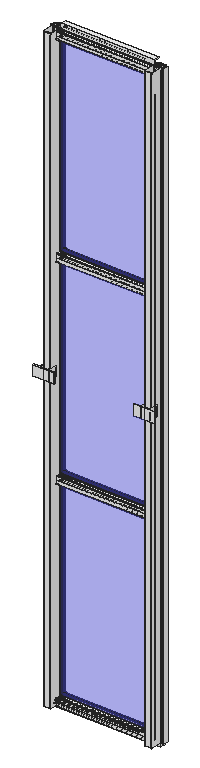
Revit family "Facade_60_Curtain_Wall_I13_Standard", category Windows, host Wall, Revit 2014
Parameters (values of type "F60-I13-0950-1000Pa")
  Windload Design [instance] = if(Custom Windload < 1001 mm, 1000 mm, if(Custom Windload < 1501 mm, 1500 mm, 2000 mm))  # 1000 mm
  Width [instance] = if(Custom Curtain Wall Width < Limit Door Width Min, Limit Door Width Min, if(Custom Curtain Wall Width > Limit Door Width Max, Limit Door Width Max, Custom Curtain Wall Width))  # 890 mm
  Wall Thickness [instance] = 200 mm
  Vertical Profile Length [instance] = Height - Frame Bottom Gap  # 4960 mm
  URL = "http://www.crealco.co.za/crealco-products.php"
  Type Comments = ""
  Thermal Resistance (R) [instance] = if(IGDB or SAGDB Number = 100100, 1.0000 (m²·K)/W / Intruderprufe U Value, if(IGDB or SAGDB Number = 100100, 1.0000 (m²·K)/W / Intruderprufe U Value, if(IGDB or SAGDB Number = 105003, 1.0000 (m²·K)/W / Intruderprufe Insulated U Value, if(IGDB or SAGDB Number = 105004, 1.0000 (m²·K)/W / Intruderprufe Insulated LowE U Value, 1.0000 (m²·K)/W / 7.9)))) * 1  # 0.126582 (m²·K)/W
  Thermal Break Material = Plastic, Opaque Black
  Solar Heat Gain Coefficient [instance] = if(IGDB or SAGDB Number = 100100, Intruderprufe SHGC Value, if(IGDB or SAGDB Number = 103200, Intruderprufe LowE SHGC Value, if(IGDB or SAGDB Number = 105003, Intruderprufe Insulated SHGC Value, if(IGDB or SAGDB Number = 105004, Intruderprufe Insulated LowE SHGC Value, 0))))  # 0
  Single Glazing [instance] = if(DG Forced, 1 = 0, not(Double Glazing))  # no
  Sill Height = 85 mm  # constant formula
  SG Forced [instance] = not(DG Forced)  # no
  Quarter Expansion Break = no
  Overall Width [instance] = 890 mm
  Overall Height [instance] = 4990 mm
  Mullion Configuration = 1 mm  # constant formula
  Model = "Facade 60"
  Transom Vertical Spacing [instance] = (Height - Frame Bottom Gap - (4 mm * 60)) / 3  # 1573.333 mm
  Mid Glazing Bottom Gap [instance] = Frame Bottom Gap + 60 mm + Transom Vertical Spacing + 39.8 mm  # 1703.133 mm
  Max System DG Unit Thickness = 25 mm  # constant formula
  Max System DG One Piece Thickness [instance] = rounddown((Max System DG Unit Thickness - DG Gasket Thickness) / 2 mm) * 1 mm  # 6 mm
  Max Pane Area [instance] = Glazing Width * Glazing Height  # 1.30777 m²
  Manufacturer = "Crealco"
  Limit Door Width Min = Limit Panel Width Min + (2 * Glazing Side Gap)  # 379.6 mm
  Limit Door Width Max = Limit Panel Width Max + (2 * Glazing Side Gap)  # 3079.6 mm
  Limit Door Height Min = (3 * Limit Panel Height Min) + 69.8 mm + (2 mm * 19.6) + 39.8 mm  # 1048.8 mm
  Limit Door Height Max = (3 * Limit Panel Height Max) + 69.8 mm + (2 mm * 19.6) + 39.8 mm  # 18148.8 mm
  Limit Panel Width Min = 300 mm  # constant formula
  Limit Panel Width Max = 3000 mm  # constant formula
  Limit Panel Height Min = 300 mm  # constant formula
  Limit Panel Height Max = 6000 mm  # constant formula
  Sill Length [instance] = Width  # 890 mm
  Length Sill [instance] = Width  # 890 mm
  Keynote = ""
  Jamb Width = 60 mm  # constant formula
  Intruderprufe U Value = 5.73
  Intruderprufe SHGC Value = 0.666
  Intruderprufe LowE U Value = 4.4
  Intruderprufe LowE SHGC Value = 0.584
  Intruderprufe Insulated U Value = 3.18
  Intruderprufe Insulated SHGC Value = 0.574
  Intruderprufe Insulated LowE U Value = 2.58
  Intruderprufe Insulated LowE SHGC Value = 0.518
  Horizontal Profile Length [instance] = Width - (2 * Jamb Width)  # 770 mm
  Half Expansion Break = no
  Glazing Width [instance] = Horizontal Profile Length + (2 mm * 20.2)  # 810.4 mm
  Glazing Top Gap = 39.8 mm  # constant formula
  Glazing Side Gap = 39.8 mm  # constant formula
  Glazing Height [instance] = (Height - Glazing Top Gap - Glazing Bottom Gap - (2 * (60 mm - 20.2 mm - 20.2 mm))) / 3  # 1613.733 mm
  Glazing Gap SG [instance] = (14 mm - SG Thickness) / 2  # 5 mm
  Glazing Gap DG [instance] = (28 mm - (DG Thickness + DG Thickness + DG Gasket Thickness)) / 2  # 4 mm
  Glazing Bottom Gap = 69.8 mm  # constant formula
  Frame Thickness = 101.8 mm  # constant formula
  Frame Bottom Gap = 30 mm  # constant formula
  Door Leaf Height [instance] = 2050 mm
  Double Glazing [instance] = yes
  DG Thickness Calc [instance] = if(not(Max Pane Area > 1.125 m²), 4 mm, if(not(Max Pane Area > 2.25 m²), 4 mm, if(not(Max Pane Area > 3.15 m²), 5 mm, if(not(Max Pane Area > 4.35 m²), 6 mm, if(not(Max Pane Area > 6.45 m²), 8 mm, 10 mm)))))  # 4 mm
  DG Thickness [instance] = if(IGDB or SAGDB Number = 105003, 6 mm, if(IGDB or SAGDB Number = 105004, 7 mm, if(DG Thickness Calc > Max System DG One Piece Thickness, Max System DG One Piece Thickness, DG Thickness Calc)))  # 4 mm
  DG Gasket Thickness = 12 mm  # constant formula
  DG Gasket Finish [instance] = Double Glazing Gasket Material
  DG Forced [instance] = if(IGDB or SAGDB Number = 100100, 1 = 0, if(IGDB or SAGDB Number = 103200, 1 = 0, if(IGDB or SAGDB Number = 105003, 1 = 1, if(IGDB or SAGDB Number = 105004, 1 = 1, Double Glazing))))  # yes
  IGDB or SAGDB Number [instance] = 0
  Height [instance] = if(Custom Curtain Wall Height < Limit Door Height Min, Limit Door Height Min, if(Custom Curtain Wall Height > Limit Door Height Max, Limit Door Height Max, Custom Curtain Wall Height))  # 4990 mm
  Heat Transfer Coefficient (U) [instance] = if(IGDB or SAGDB Number = 100100, Intruderprufe U Value, if(IGDB or SAGDB Number = 103200, Intruderprufe LowE U Value, if(IGDB or SAGDB Number = 105003, Intruderprufe Insulated U Value, if(IGDB or SAGDB Number = 105004, Intruderprufe Insulated LowE U Value, 7.9)))) * 1.0000 W/(m²·K)  # 7.9000 W/(m²·K)
  SG Thickness [instance] = if(IGDB or SAGDB Number = 100100, 6 mm, if(IGDB or SAGDB Number = 103200, 7 mm, if(not(Max Pane Area > 0.75 m²), 4 mm, if(not(Max Pane Area > 1.50 m²), 4 mm, if(not(Max Pane Area > 2.10 m²), 5 mm, if(not(Max Pane Area > 2.90 m²), 6.4 mm, if(not(Max Pane Area > 4.30 m²), 8 mm, 10 mm)))))))  # 4 mm
  Glazing Material [instance] = if(IGDB or SAGDB Number = 100100, "PFG INTRUDERPRUFE 6.38mm", if(IGDB or SAGDB Number = 103200, "PFG INTRUDERPRUFE LOW-E 7.38mm", if(IGDB or SAGDB Number = 105003, "PFG 25mm INTRUDERPRUFE INSULATED GLASS", if(IGDB or SAGDB Number = 105004, "PFG 25mm INTRUDERPRUFE INSULATED GLASS LOW-E", "Unknown"))))  # "Unknown"
  Glazing Finish [instance] = Glass
  Glazing Code [instance] = if(IGDB or SAGDB Number = 100100, "LAM01", if(IGDB or SAGDB Number = 103200, "LAM01E", if(IGDB or SAGDB Number = 105003, "IGU25", if(IGDB or SAGDB Number = 105004, "IGU25E", "Unknown"))))  # "Unknown"
  Frame Offset [instance] = if([100mm Mullion], 130 mm, if([160mm Mullion], 160 mm, 190 mm))  # 130 mm
  Description = "Curtain Wall, I13"  # constant formula
  Default Sill Height = 0 mm
  Wall Closure = By host
  Custom Curtain Wall Width = 890 mm
  Custom Curtain Wall Height = 4990 mm
  Custom Windload = 1000 mm
  Custom Anchor Height = 0 mm
  Anchor Height [instance] = if(or(Custom Anchor Height < 42.5 mm, Custom Anchor Height > (Height - 42.5 mm)), (Height / 2) - 42.5 mm, Custom Anchor Height - 42.5 mm)  # 2452.5 mm
  Aluminium Finish [instance] = White Powder Coated Aluminium ANP 1052
  All Available Glazing Numbers [instance] = "The rows below list the available glazing materials for this window:"  # constant formula
  190mm Mullion = if(Mullion Configuration = 3 mm, 1 = 1, 1 = 0)  # no
  160mm Mullion = if(Mullion Configuration = 2 mm, 1 = 1, 1 = 0)  # no
  105004 [instance] = "IGU25E"  # constant formula
  105003 [instance] = "IGU25"  # constant formula
  103200 [instance] = "LAM01E"  # constant formula
  100mm Mullion = if(or(Mullion Configuration = 2 mm, Mullion Configuration = 3 mm), 1 = 0, 1 = 1)  # yes
  100100 [instance] = "LAM01"  # constant formula
Reference planes
  plane 1 "Center (Front/Back)": y = 0
  plane 2 "Center (Left/Right)": x = 0
  plane 3 "Left": x = -445
  plane 4 "Right": x = 445
  plane 5 "Sill": z = 0
  plane 6 "Head": z = 4990
  plane 7 "Exterior": y = 100
  plane 8 "Interior": y = -100
Lines and regions (mm)
  Opening 1
    outline origin (3507.082, -100, 0) x (1, 0, 0) y (0, 0, 1)
      loop
        line (-3062.082, 0) -> (-3062.082, 4990) -> (-3952.082, 4990) -> (-3952.082, 0) -> (-3062.082, 0)
Text (mm)
  text "EXTERIOR" at (-1963.203, 1332.353, 0), in view "Ref. Level"
  text "INTERIOR" at (-1981.466, -818.386, 0), in view "Ref. Level"
  text "Exterior" at (0, 923.751, 2943.296), in view "Right"
  text "Exterior" at (0, 1040.484, 2685.409), in view "Left"
Dimensions and locks
  equal spacing: plane 3 "Left", plane 2 "Center (Left/Right)", plane 4 "Right"
  "Width": plane 3 "Left" to plane 4 "Right"
  "Height": plane 5 "Sill" to plane 6 "Head"
  "Default Sill Height": plane 5 "Sill" to level
  locked: plane 7 "Exterior" to host wall at 0
  locked: plane 8 "Interior" to host wall
  "Overall Height": plane 6 "Head" to plane 5 "Sill"
  "Overall Width": plane 3 "Left" to plane 4 "Right"
  "Wall Thickness": host wall to host wall
  "Jamb Width": nested 3 to plane 4 "Right"
  "Jamb Width": nested 5 to plane 4 "Right"
  "Frame Bottom Gap": nested 5 to level
  "Glazing Side Gap": nested 6 to plane 4 "Right"
  "Glazing Top Gap": nested 6 to plane 6 "Head"
  "Glazing Gap SG": nested 6 to nested 1
  "Glazing Side Gap": nested 7 to plane 4 "Right"
  "Glazing Top Gap": nested 7 to plane 6 "Head"
  "Glazing Gap DG": nested 7 to nested 1
  "Jamb Width": nested 8 to plane 4 "Right"
  "Glazing Side Gap": nested 9 to plane 4 "Right"
  "Glazing Side Gap": nested 10 to plane 4 "Right"
  "Glazing Gap SG": nested 10 to nested 1
  "Glazing Gap DG": nested 9 to nested 1
  "Glazing Bottom Gap": nested 9 to level
  "Glazing Bottom Gap": nested 10 to level
  locked: nested 1 to nested 5 at 8.887
  "Transom Vertical Spacing": nested 8 to nested 5
  "Jamb Width": nested 11 to plane 4 "Right"
  "Transom Vertical Spacing": nested 11 to nested 8
  "Glazing Side Gap": nested 12 to plane 4 "Right"
  "Glazing Side Gap": nested 13 to plane 4 "Right"
  "Glazing Gap SG": nested 13 to nested 1
  "Glazing Gap DG": nested 12 to nested 1
  "Mid Glazing Bottom Gap": nested 12 to level
  "Mid Glazing Bottom Gap": nested 13 to level
  "Frame Offset": plane 8 "Interior" to nested 1
  "Anchor Height": nested 14 to level
  "Anchor Height": nested 15 to level
  aligned and locked: plane 4 "Right" to nested 1
  aligned and locked: nested 1 to plane 6 "Head"
  aligned and locked: plane 3 "Left" to nested 2
  aligned and locked: plane 6 "Head" to nested 2
  aligned and locked: nested 3 to plane 6 "Head"
  aligned and locked: nested 1 to nested 3
  aligned and locked: nested 4 to level
  aligned and locked: plane 4 "Right" to nested 4
  aligned and locked: nested 1 to nested 2
  aligned and locked: nested 5 to nested 4
  aligned and locked: nested 8 to nested 3
  aligned and locked: nested 11 to nested 3
  aligned and locked: plane 4 "Right" to nested 15
  aligned and locked: plane 8 "Interior" to nested 15
  aligned and locked: nested 14 to nested 2
  aligned and locked: plane 8 "Interior" to nested 14
Automatic sketch dimensions
  plane 3 "Left" to Opening 1 sketch curve = 0 mm
  plane 4 "Right" to Opening 1 sketch curve = 0 mm
  Opening 1 sketch curve to plane 5 "Sill" = 0 mm
  Opening 1 sketch curve to plane 6 "Head" = 0 mm
Nested families
  nested 1: "F60 Vertical Profile Side_I13_Std" at (445, 35.2, 30) x (-1, 0, 0) z (0, 0, 1), Thermal Break Material <- "Thermal Break Material", Profile Material <- "Aluminium Finish", Length <- "Vertical Profile Length", Single Glazing <- "SG Forced", Double Glazing <- "DG Forced", 100mm Mullion <- "100mm Mullion", 160mm Mullion <- "160mm Mullion", 190mm Mullion <- "190mm Mullion", Quarter Expansion Break <- "Quarter Expansion Break", Half Expansion Break <- "Half Expansion Break", type "F60 Vertical Profile Side_I13_Std"
    with Thermal Break Material Plastic, Opaque Black, Single Glazing no, Quarter SG Expansion Break no, Quarter Length 1240 mm, Quarter Expansion Break no, Quarter DG Expansion Break no, Quarter 190mm Expansion Break no, Quarter 160mm Expansion Break no, Quarter 100mm Expansion Break no, Profile Material White Powder Coated Aluminium ANP 1052, Length 4960 mm, Half SG Expansion Break no, Half Length 2480 mm, Half Expansion Break no, Half DG Expansion Break no, Half 190mm Expansion Joint no, Half 160mm Expansion Break no, Half 100mm Expansion Break no, Double Glazing yes, 190mm Mullion no, 160mm Mullion no, 100mm Mullion yes
  nested 2: "F60 Vertical Profile Side_I13_Std" at (-445, 35.2, 30), Thermal Break Material <- "Thermal Break Material", Profile Material <- "Aluminium Finish", Length <- "Vertical Profile Length", Single Glazing <- "SG Forced", Double Glazing <- "DG Forced", 100mm Mullion <- "100mm Mullion", 160mm Mullion <- "160mm Mullion", 190mm Mullion <- "190mm Mullion", Quarter Expansion Break <- "Quarter Expansion Break", Half Expansion Break <- "Half Expansion Break", type "F60 Vertical Profile Side_I13_Std"
    with Thermal Break Material Plastic, Opaque Black, Single Glazing no, Quarter SG Expansion Break no, Quarter Length 1240 mm, Quarter Expansion Break no, Quarter DG Expansion Break no, Quarter 190mm Expansion Break no, Quarter 160mm Expansion Break no, Quarter 100mm Expansion Break no, Profile Material White Powder Coated Aluminium ANP 1052, Length 4960 mm, Half SG Expansion Break no, Half Length 2480 mm, Half Expansion Break no, Half DG Expansion Break no, Half 190mm Expansion Joint no, Half 160mm Expansion Break no, Half 100mm Expansion Break no, Double Glazing yes, 190mm Mullion no, 160mm Mullion no, 100mm Mullion yes
  nested 3: "F60 Horizontal Profile Top_I13_Std" at (385, -14.6, 4930) x (-1, 0, 0) z (0, 0, 1), Thermal Break Material <- "Thermal Break Material", Profile Material <- "Aluminium Finish", Length <- "Horizontal Profile Length", Single Glazing <- "SG Forced", Double Glazing <- "DG Forced", type "F60 Horizontal Profile Top_I13_Std"
    with Thermal Break Material Plastic, Opaque Black, Single Glazing no, Profile Material White Powder Coated Aluminium ANP 1052, Length 770 mm, Double Glazing yes
  nested 4: "F60 Sill_I13_Std" at (445, 22.771, -1.88) x (-1, 0, 0) z (0, 0, 1), Profile Material <- "Aluminium Finish", Length Sill <- "Length Sill", type "F60 Sill_I13_Std"
    with Profile Material White Powder Coated Aluminium ANP 1052, Length Sill 890 mm
  nested 5: "F60 Horizontal Profile Bottom_I13_Std" at (385, -14.6, 30) x (-1, 0, 0) z (0, 0, 1), Thermal Break Material <- "Thermal Break Material", Profile Material <- "Aluminium Finish", Length <- "Horizontal Profile Length", Single Glazing <- "SG Forced", Double Glazing <- "DG Forced", type "F60 Horizontal Profile Bottom_I13_Std"
    with Thermal Break Material Plastic, Opaque Black, Single Glazing no, Profile Material White Powder Coated Aluminium ANP 1052, Length 770 mm, Double Glazing yes
  nested 6: "F60_Single_Glazing_I13_Std" at (405.2, 44.2, 3336.467), Glazing Width <- "Glazing Width", Glazing Height <- "Glazing Height", SG Thickness <- "SG Thickness", Glazing Finish <- "Glazing Finish", visible <- "SG Forced", type "F60_Single_Glazing_I13_Std"
    with SG Thickness 4 mm, Glazing Width 810.4 mm, Glazing Height 1613.733 mm, Glazing Finish Glass
  nested 7: "F60_Double_Glazing_I13_Std" at (405.2, 59.2, 3336.467), Glazing Material <- "Glazing Finish", Double Glazing Gasket Material <- "DG Gasket Finish", Glazing Width <- "Glazing Width", Glazing Height <- "Glazing Height", Glazing Thickness DG <- "DG Thickness", Double Glazing Gasket Thickness <- "DG Gasket Thickness", visible <- "DG Forced", type "F60_Double_Glazing_I13_Std"
    with Glazing Width 810.4 mm, Glazing Thickness DG 4 mm, Glazing Material Glass, Glazing Height 1613.733 mm, Double Glazing Gasket Thickness 12 mm, Double Glazing Gasket Material Double Glazing Gasket Material
  nested 8: "F60 Horizontal Profile Middle_I13_Std" at (385, -14.6, 1663.333) x (-1, 0, 0) z (0, 0, 1), Thermal Break Material <- "Thermal Break Material", Profile Material <- "Aluminium Finish", Length <- "Horizontal Profile Length", Single Glazing <- "SG Forced", Double Glazing <- "DG Forced", type "F60 Horizontal Profile Middle_I13_Std"
    with Thermal Break Material Plastic, Opaque Black, Single Glazing no, Profile Material White Powder Coated Aluminium ANP 1052, Length 770 mm, Double Glazing yes
  nested 9: "F60_Double_Glazing_I13_Std" at (405.2, 59.2, 69.8), Glazing Material <- "Glazing Finish", Double Glazing Gasket Material <- "DG Gasket Finish", Glazing Width <- "Glazing Width", Glazing Height <- "Glazing Height", Glazing Thickness DG <- "DG Thickness", Double Glazing Gasket Thickness <- "DG Gasket Thickness", visible <- "DG Forced", type "F60_Double_Glazing_I13_Std"
    with Glazing Width 810.4 mm, Glazing Thickness DG 4 mm, Glazing Material Glass, Glazing Height 1613.733 mm, Double Glazing Gasket Thickness 12 mm, Double Glazing Gasket Material Double Glazing Gasket Material
  nested 10: "F60_Single_Glazing_I13_Std" at (405.2, 44.2, 69.8), Glazing Width <- "Glazing Width", Glazing Height <- "Glazing Height", SG Thickness <- "SG Thickness", Glazing Finish <- "Glazing Finish", visible <- "SG Forced", type "F60_Single_Glazing_I13_Std"
    with SG Thickness 4 mm, Glazing Width 810.4 mm, Glazing Height 1613.733 mm, Glazing Finish Glass
  nested 11: "F60 Horizontal Profile Middle_I13_Std" at (385, -14.6, 3296.667) x (-1, 0, 0) z (0, 0, 1), Thermal Break Material <- "Thermal Break Material", Profile Material <- "Aluminium Finish", Length <- "Horizontal Profile Length", Single Glazing <- "SG Forced", Double Glazing <- "DG Forced", type "F60 Horizontal Profile Middle_I13_Std"
    with Thermal Break Material Plastic, Opaque Black, Single Glazing no, Profile Material White Powder Coated Aluminium ANP 1052, Length 770 mm, Double Glazing yes
  nested 12: "F60_Double_Glazing_I13_Std" at (405.2, 59.2, 1703.133), Glazing Material <- "Glazing Finish", Double Glazing Gasket Material <- "DG Gasket Finish", Glazing Width <- "Glazing Width", Glazing Height <- "Glazing Height", Glazing Thickness DG <- "DG Thickness", Double Glazing Gasket Thickness <- "DG Gasket Thickness", visible <- "DG Forced", type "F60_Double_Glazing_I13_Std"
    with Glazing Width 810.4 mm, Glazing Thickness DG 4 mm, Glazing Material Glass, Glazing Height 1613.733 mm, Double Glazing Gasket Thickness 12 mm, Double Glazing Gasket Material Double Glazing Gasket Material
  nested 13: "F60_Single_Glazing_I13_Std" at (405.2, 44.2, 1703.133), Glazing Width <- "Glazing Width", Glazing Height <- "Glazing Height", SG Thickness <- "SG Thickness", Glazing Finish <- "Glazing Finish", visible <- "SG Forced", type "F60_Single_Glazing_I13_Std"
    with SG Thickness 4 mm, Glazing Width 810.4 mm, Glazing Height 1613.733 mm, Glazing Finish Glass
  nested 14: "F60 Intermediate Anchor_I13_Std" at (-522.715, -189.531, 2452.5), Profile Material <- "Aluminium Finish", type "F60 Intermediate Anchor_I13_Std"
    with Profile Material White Powder Coated Aluminium ANP 1052
  nested 15: "F60 Intermediate Anchor_I13_Std" at (305.297, -189.531, 2452.5), Profile Material <- "Aluminium Finish", type "F60 Intermediate Anchor_I13_Std"
    with Profile Material White Powder Coated Aluminium ANP 1052
Definition of nested family "F60 Vertical Profile Side_I13_Std"
  Parameters (values of type "F60 Vertical Profile Side")
    Quarter SG Expansion Break [instance] = if(and(Quarter Expansion Break, Single Glazing), 1 = 1, 1 = 0)  # yes
    Quarter Length [instance] = Length / 4  # 62.5 mm
    Thermal Break Material [instance] = none
    Single Glazing [instance] = yes
    Quarter Expansion Break [instance] = yes
    Quarter DG Expansion Break [instance] = if(and(Quarter Expansion Break, Double Glazing), 1 = 1, 1 = 0)  # yes
    Quarter 190mm Expansion Break [instance] = if(and(Quarter Expansion Break, [190mm Mullion]), 1 = 1, 1 = 0)  # yes
    Quarter 160mm Expansion Break [instance] = if(and(Quarter Expansion Break, [160mm Mullion]), 1 = 1, 1 = 0)  # yes
    Quarter 100mm Expansion Break [instance] = if(and(Quarter Expansion Break, [100mm Mullion]), 1 = 1, 1 = 0)  # yes
    Profile Material [instance] = none
    Length [instance] = 250 mm
    Half SG Expansion Break [instance] = if(and(Half Expansion Break, Single Glazing), 1 = 1, 1 = 0)  # yes
    Half Length [instance] = Length / 2  # 125 mm
    Half Expansion Break [instance] = yes
    Half DG Expansion Break [instance] = if(and(Half Expansion Break, Double Glazing), 1 = 1, 1 = 0)  # yes
    Half 190mm Expansion Joint [instance] = if(and(Half Expansion Break, [190mm Mullion]), 1 = 1, 1 = 0)  # yes
    Half 160mm Expansion Break [instance] = if(and(Half Expansion Break, [160mm Mullion]), 1 = 1, 1 = 0)  # yes
    Half 100mm Expansion Break [instance] = if(and(Half Expansion Break, [100mm Mullion]), 1 = 1, 1 = 0)  # yes
    Double Glazing [instance] = yes
    190mm Mullion [instance] = yes
    160mm Mullion [instance] = yes
    100mm Mullion [instance] = yes
  Reference planes
    plane 1 "Center (Front/Back)": y = 0
    plane 2: z = 0
    plane 3 "Center (Left/Right)": x = 0
  Forms (mm)
    Extrusion 1, solid, material <- "Profile Material"
      sketch origin (0, 0, 0) x (1, 0, 0) y (0, 1, 0)
        loop
          arc (25.249, -8.7) -> (25.484, -9.266) -> (26.049, -9.5) r 0.8
          line (26.049, -9.5) -> (27.1, -9.5) -> (27.1, 7) -> (32.902, 7) -> (32.902, -9.5) -> (33.951, -9.5)
          arc (33.951, -9.5) -> (34.516, -9.266) -> (34.751, -8.7) r 0.8
          line (34.751, -8.7) -> (34.751, 6.2)
          arc (34.751, 6.2) -> (34.985, 6.766) -> (35.551, 7) r 0.8
          line (35.551, 7) -> (52.1, 7) -> (52.1, 5.4) -> (50.55, 5.4) -> (50.55, 4.55)
          arc (50.55, 4.55) -> (50.726, 4.126) -> (51.15, 3.95) r 0.6
          line (51.15, 3.95) -> (52.1, 3.95) -> (52.1, 1)
          arc (52.1, 1) -> (51.6, 0.5) -> (52.1, 0) r 0.5
          line (52.1, 0) -> (54.45, 0) -> (54.45, 1.15) -> (53.3, 1.15) -> (53.3, 2.45) -> (58.8, 2.45) -> (58.8, 1.15) -> (57.65, 1.15) -> (57.65, 0) -> (59.5, 0)
          arc (59.5, 0) -> (59.854, 0.146) -> (60, 0.5) r 0.5
          line (60, 0.5) -> (60, 3.9) -> (53.55, 3.9) -> (53.55, 7.6)
          arc (53.55, 7.6) -> (53.316, 8.166) -> (52.75, 8.4) r 0.8
          line (52.75, 8.4) -> (30, 8.4) -> (7.25, 8.4)
          arc (7.25, 8.4) -> (6.684, 8.166) -> (6.45, 7.6) r 0.8
          line (6.45, 7.6) -> (6.45, 3.9) -> (0, 3.9) -> (0, 0.5)
          arc (0, 0.5) -> (0.146, 0.146) -> (0.5, 0) r 0.5
          line (0.5, 0) -> (2.35, 0) -> (2.35, 1.15) -> (1.2, 1.15) -> (1.2, 2.45) -> (6.7, 2.45) -> (6.7, 1.15) -> (5.55, 1.15) -> (5.55, 0) -> (7.9, 0)
          arc (7.9, 0) -> (8.4, 0.5) -> (7.9, 1) r 0.5
          line (7.9, 1) -> (7.9, 3.95) -> (8.85, 3.95)
          arc (8.85, 3.95) -> (9.274, 4.126) -> (9.45, 4.55) r 0.6
          line (9.45, 4.55) -> (9.45, 5.4) -> (7.9, 5.4) -> (7.9, 7) -> (24.449, 7)
          arc (24.449, 7) -> (25.015, 6.766) -> (25.249, 6.2) r 0.8
          line (25.249, 6.2) -> (25.249, -8.7)
      from 0 to 250 <- "Length"
    Extrusion 2, solid, material <- "Thermal Break Material"
      sketch origin (0, 0, 0) x (1, 0, 0) y (0, 1, 0)
        loop
          line (1.75, 9.8) -> (1.75, 5.2) -> (0, 5.2) -> (0, 3.9) -> (6.35, 3.9) -> (6.35, 7.856)
          arc (6.35, 7.856) -> (6.526, 8.281) -> (6.95, 8.456) r 0.6
          line (6.95, 8.456) -> (30, 8.456) -> (53.05, 8.456)
          arc (53.05, 8.456) -> (53.474, 8.281) -> (53.65, 7.856) r 0.6
          line (53.65, 7.856) -> (53.65, 3.9) -> (60, 3.9) -> (60, 5.2) -> (58.25, 5.2) -> (58.25, 9.8) -> (30, 9.8) -> (1.75, 9.8)
      from 0 to 250 <- "Length"
    Extrusion 3, solid, material <- "Thermal Break Material", visible <- "Single Glazing"
      sketch origin (0, 0, 0) x (1, 0, 0) y (0, 1, 0)
        loop
          line (25.749, -14.011) -> (27.672, -14.011) -> (28.481, -12.611) -> (31.518, -12.611) -> (32.327, -14.011) -> (34.249, -14.011)
          arc (34.249, -14.011) -> (34.603, -13.864) -> (34.749, -13.511) r 0.5
          line (34.749, -13.511) -> (34.749, -10.011)
          arc (34.749, -10.011) -> (34.603, -9.657) -> (34.249, -9.511) r 0.5
          line (34.249, -9.511) -> (32.352, -9.511) -> (32.352, 0.19) -> (31.349, 2.261)
          arc (31.349, 2.261) -> (29.999, 2.986) -> (28.649, 2.261) r 1.62
          line (28.649, 2.261) -> (27.647, 0.19) -> (27.647, -9.511) -> (25.749, -9.511)
          arc (25.749, -9.511) -> (25.396, -9.657) -> (25.249, -10.011) r 0.5
          line (25.249, -10.011) -> (25.249, -13.511)
          arc (25.249, -13.511) -> (25.396, -13.864) -> (25.749, -14.011) r 0.5
        loop
          line (28.504, -10.005) -> (28.504, -10.861)
          arc (28.504, -10.861) -> (28.651, -11.214) -> (29.004, -11.361) r 0.5
          line (29.004, -11.361) -> (30.994, -11.361)
          arc (30.994, -11.361) -> (31.348, -11.214) -> (31.494, -10.861) r 0.5
          line (31.494, -10.861) -> (31.494, -10.005) -> (30.708, -9.219)
          arc (30.708, -9.219) -> (30.383, -9.001) -> (29.999, -8.924) r 1.007
          arc (29.999, -8.924) -> (29.616, -8.999) -> (29.292, -9.217) r 0.986
          line (29.292, -9.217) -> (28.504, -10.005)
        loop
          arc (30.896, 1.935) -> (29.887, 2.44) -> (29.005, 1.735) r 1.047
          line (29.005, 1.735) -> (28.347, 0.374) -> (28.347, -6.993)
          arc (28.347, -6.993) -> (28.583, -7.417) -> (29.068, -7.441) r 0.5
          arc (29.068, -7.441) -> (29.999, -7.223) -> (30.93, -7.441) r 2.099
          arc (30.93, -7.441) -> (31.416, -7.417) -> (31.652, -6.993) r 0.5
          line (31.652, -6.993) -> (31.652, 0.374) -> (30.896, 1.935)
      from 0 to 250 <- "Length"
    Extrusion 4, solid, material <- "Profile Material", visible <- "Single Glazing"
      sketch origin (0, 0, 0) x (1, 0, 0) y (0, 1, 0)
        loop
          line (52.693, -14.011) -> (32.327, -14.011) -> (31.519, -12.611) -> (28.481, -12.611) -> (27.673, -14.011) -> (7.307, -14.011) -> (7.307, -15.011) -> (8.457, -15.011) -> (8.457, -16.261) -> (2.957, -16.261) -> (2.957, -15.011) -> (4.107, -15.011) -> (4.107, -14.011) -> (1.707, -14.011)
          arc (1.707, -14.011) -> (1.199, -14.293) -> (1.168, -14.873) r 0.6
          line (1.168, -14.873) -> (2.093, -16.772) -> (1.015, -17.298) -> (1.484, -18.261) -> (11.488, -18.261)
          arc (11.488, -18.261) -> (11.913, -18.085) -> (12.088, -17.661) r 0.6
          line (12.088, -17.661) -> (12.088, -16.811) -> (47.912, -16.811) -> (47.912, -17.661)
          arc (47.912, -17.661) -> (48.088, -18.085) -> (48.512, -18.261) r 0.6
          line (48.512, -18.261) -> (58.518, -18.261) -> (58.987, -17.298) -> (57.908, -16.772) -> (58.834, -14.874)
          arc (58.834, -14.874) -> (58.802, -14.293) -> (58.293, -14.011) r 0.6
          line (58.293, -14.011) -> (55.893, -14.011) -> (55.893, -15.011) -> (57.043, -15.011) -> (57.043, -16.261) -> (51.543, -16.261) -> (51.543, -15.011) -> (52.693, -15.011) -> (52.693, -14.011)
      from 0 to 250 <- "Length"
    Extrusion 5, solid, material <- "Profile Material", visible <- "Single Glazing"
      sketch origin (0, 0, 0) x (1, 0, 0) y (0, 1, 0)
        loop
          line (2.801, -18.261) -> (1.484, -18.261) -> (1.015, -17.298) -> (2.093, -16.772) -> (0.779, -14.076)
          arc (0.779, -14.076) -> (0.239, -14.21) -> (0.001, -14.713) r 0.65
          line (0.001, -14.713) -> (0.001, -28.068)
          arc (0.001, -28.068) -> (1.172, -30.897) -> (4.001, -32.068) r 4
          line (4.001, -32.068) -> (30.001, -32.068) -> (56.001, -32.068)
          arc (56.001, -32.068) -> (58.829, -30.897) -> (60.001, -28.068) r 4
          line (60.001, -28.068) -> (60.001, -14.713)
          arc (60.001, -14.713) -> (59.763, -14.21) -> (59.223, -14.076) r 0.65
          line (59.223, -14.076) -> (57.908, -16.772) -> (58.987, -17.298) -> (58.518, -18.261) -> (57.201, -18.261)
          arc (57.201, -18.261) -> (56.83, -18.425) -> (56.703, -18.811) r 0.5
          arc (56.703, -18.811) -> (56.83, -19.196) -> (57.201, -19.361) r 0.5
          line (57.201, -19.361) -> (58.951, -19.361) -> (58.951, -27.968)
          arc (58.951, -27.968) -> (58.131, -29.948) -> (56.151, -30.768) r 2.8
          line (56.151, -30.768) -> (30.001, -30.768) -> (3.851, -30.768)
          arc (3.851, -30.768) -> (1.871, -29.948) -> (1.051, -27.968) r 2.8
          line (1.051, -27.968) -> (1.051, -19.361) -> (2.801, -19.361)
          arc (2.801, -19.361) -> (3.172, -19.196) -> (3.298, -18.811) r 0.5
          arc (3.298, -18.811) -> (3.172, -18.425) -> (2.801, -18.261) r 0.5
      from 0 to 250 <- "Length"
    Extrusion 6, solid, material <- "Profile Material", visible <- "100mm Mullion"
      sketch origin (0, 0, 0) x (1, 0, 0) y (0, 1, 0)
        loop
          line (14.02, 13) -> (45.98, 13)
          arc (45.98, 13) -> (46.539, 12.842) -> (46.917, 12.4) r 1
          arc (46.917, 12.4) -> (47.285, 11.963) -> (47.833, 11.8) r 1
          line (47.833, 11.8) -> (58.15, 11.8) -> (58.15, 96.3) -> (47.833, 96.3)
          arc (47.833, 96.3) -> (47.285, 96.137) -> (46.917, 95.7) r 1
          arc (46.917, 95.7) -> (46.548, 95.263) -> (46, 95.1) r 1
          line (46, 95.1) -> (14, 95.1)
          arc (14, 95.1) -> (13.452, 95.263) -> (13.083, 95.7) r 1
          arc (13.083, 95.7) -> (12.715, 96.137) -> (12.167, 96.3) r 1
          line (12.167, 96.3) -> (1.85, 96.3) -> (1.85, 11.8) -> (12.167, 11.8)
          arc (12.167, 11.8) -> (12.715, 11.963) -> (13.083, 12.4) r 1
          arc (13.083, 12.4) -> (13.461, 12.842) -> (14.02, 13) r 1
        loop
          line (1.65, 9.856) -> (58.35, 9.856) -> (58.35, 5.2) -> (60, 5.2) -> (60, 98.8)
          arc (60, 98.8) -> (59.707, 99.507) -> (59, 99.8) r 1
          line (59, 99.8) -> (1, 99.8)
          arc (1, 99.8) -> (0.293, 99.507) -> (0, 98.8) r 1
          line (0, 98.8) -> (0, 5.2) -> (1.65, 5.2) -> (1.65, 9.856)
      from 0 to 250 <- "Length"
    Extrusion 7, solid, material <- "Profile Material", visible <- "160mm Mullion"
      sketch origin (0, 0, 0) x (1, 0, 0) y (0, 1, 0)
        loop
          arc (2.35, 15.6) -> (2.526, 15.176) -> (2.95, 15) r 0.6
          line (2.95, 15) -> (57.05, 15)
          arc (57.05, 15) -> (57.474, 15.176) -> (57.65, 15.6) r 0.6
          line (57.65, 15.6) -> (57.65, 153.7)
          arc (57.65, 153.7) -> (57.474, 154.124) -> (57.05, 154.3) r 0.6
          line (57.05, 154.3) -> (47.833, 154.3)
          arc (47.833, 154.3) -> (47.285, 154.137) -> (46.917, 153.7) r 1
          arc (46.917, 153.7) -> (46.548, 153.263) -> (46, 153.1) r 1
          line (46, 153.1) -> (14, 153.1)
          arc (14, 153.1) -> (13.452, 153.263) -> (13.083, 153.7) r 1
          arc (13.083, 153.7) -> (12.715, 154.137) -> (12.167, 154.3) r 1
          line (12.167, 154.3) -> (2.95, 154.3)
          arc (2.95, 154.3) -> (2.526, 154.124) -> (2.35, 153.7) r 0.6
          line (2.35, 153.7) -> (2.35, 15.6)
        loop
          arc (1, 159.8) -> (0.293, 159.507) -> (0, 158.8) r 1
          line (0, 158.8) -> (0, 5.2) -> (1.65, 5.2) -> (1.65, 10.013) -> (58.35, 10.013) -> (58.35, 5.2) -> (60, 5.2) -> (60, 158.8)
          arc (60, 158.8) -> (59.707, 159.507) -> (59, 159.8) r 1
          line (59, 159.8) -> (1, 159.8)
      from 0 to 250 <- "Length"
    Extrusion 8, solid, material <- "Profile Material", visible <- "190mm Mullion"
      sketch origin (0, 0, 0) x (1, 0, 0) y (0, 1, 0)
        loop
          line (57.25, 15.1) -> (57.25, 178.3)
          arc (57.25, 178.3) -> (56.957, 179.007) -> (56.25, 179.3) r 1
          line (56.25, 179.3) -> (3.75, 179.3)
          arc (3.75, 179.3) -> (3.043, 179.007) -> (2.75, 178.3) r 1
          line (2.75, 178.3) -> (2.75, 15.1)
          arc (2.75, 15.1) -> (2.984, 14.534) -> (3.55, 14.3) r 0.8
          line (3.55, 14.3) -> (56.45, 14.3)
          arc (56.45, 14.3) -> (57.016, 14.534) -> (57.25, 15.1) r 0.8
        loop
          line (60, 5.2) -> (60, 188.8)
          arc (60, 188.8) -> (59.707, 189.507) -> (59, 189.8) r 1
          line (59, 189.8) -> (1, 189.8)
          arc (1, 189.8) -> (0.293, 189.507) -> (0, 188.8) r 1
          line (0, 188.8) -> (0, 5.2) -> (1.65, 5.2) -> (1.65, 9.856) -> (58.35, 9.856) -> (58.35, 5.2) -> (60, 5.2)
      from 0 to 250 <- "Length"
    Extrusion 9, solid, material <- "Thermal Break Material", visible <- "Double Glazing"
      sketch origin (0, 0, 0) x (1, 0, 0) y (0, 1, 0)
        loop
          line (27.672, -28) -> (28.48, -26.6) -> (31.518, -26.6) -> (32.326, -28) -> (34.249, -28)
          arc (34.249, -28) -> (34.603, -27.854) -> (34.749, -27.5) r 0.5
          line (34.749, -27.5) -> (34.749, -10)
          arc (34.749, -10) -> (34.603, -9.646) -> (34.249, -9.5) r 0.5
          line (34.249, -9.5) -> (32.352, -9.5) -> (32.352, 0.198) -> (31.348, 2.272)
          arc (31.348, 2.272) -> (29.998, 2.997) -> (28.648, 2.272) r 1.62
          line (28.648, 2.272) -> (27.645, 0.201) -> (27.645, -9.5) -> (25.749, -9.5)
          arc (25.749, -9.5) -> (25.396, -9.646) -> (25.249, -10) r 0.5
          line (25.249, -10) -> (25.249, -27.5)
          arc (25.249, -27.5) -> (25.396, -27.854) -> (25.749, -28) r 0.5
          line (25.749, -28) -> (27.672, -28)
        loop
          arc (30.706, -9.206) -> (30.382, -8.99) -> (29.999, -8.913) r 1.007
          arc (29.999, -8.913) -> (29.616, -8.988) -> (29.292, -9.206) r 0.986
          line (29.292, -9.206) -> (27.142, -11.356)
          arc (27.142, -11.356) -> (26.926, -11.68) -> (26.849, -12.063) r 1
          line (26.849, -12.063) -> (26.849, -24)
          arc (26.849, -24) -> (27.142, -24.707) -> (27.849, -25) r 1
          line (27.849, -25) -> (32.149, -25)
          arc (32.149, -25) -> (32.856, -24.707) -> (33.149, -24) r 1
          line (33.149, -24) -> (33.149, -12.063)
          arc (33.149, -12.063) -> (33.073, -11.68) -> (32.856, -11.356) r 1
          line (32.856, -11.356) -> (30.706, -9.206)
        loop
          arc (28.345, -6.982) -> (28.581, -7.407) -> (29.067, -7.43) r 0.5
          arc (29.067, -7.43) -> (29.998, -7.213) -> (30.929, -7.43) r 2.099
          arc (30.929, -7.43) -> (31.414, -7.407) -> (31.651, -6.982) r 0.5
          line (31.651, -6.982) -> (31.651, 0.385) -> (30.895, 1.946)
          arc (30.895, 1.946) -> (29.885, 2.45) -> (29.004, 1.745) r 1.047
          line (29.004, 1.745) -> (28.345, 0.385) -> (28.345, -6.982)
      from 0 to 250 <- "Length"
    Extrusion 10, solid, material <- "Profile Material", visible <- "Double Glazing"
      sketch origin (0, 0, 0) x (1, 0, 0) y (0, 1, 0)
        loop
          line (52.692, -28) -> (32.327, -28) -> (31.518, -26.6) -> (28.48, -26.6) -> (27.672, -28) -> (7.306, -28) -> (7.306, -29) -> (8.456, -29) -> (8.456, -30.25) -> (2.956, -30.25) -> (2.956, -29) -> (4.106, -29) -> (4.106, -28) -> (1.706, -28)
          arc (1.706, -28) -> (1.198, -28.282) -> (1.167, -28.863) r 0.6
          line (1.167, -28.863) -> (2.093, -30.762) -> (1.014, -31.288) -> (1.483, -32.25) -> (11.488, -32.25)
          arc (11.488, -32.25) -> (11.912, -32.074) -> (12.088, -31.65) r 0.6
          line (12.088, -31.65) -> (12.088, -30.8) -> (47.911, -30.8) -> (47.911, -31.65)
          arc (47.911, -31.65) -> (48.087, -32.074) -> (48.511, -32.25) r 0.6
          line (48.511, -32.25) -> (58.517, -32.25) -> (58.986, -31.288) -> (57.907, -30.762) -> (58.833, -28.864)
          arc (58.833, -28.864) -> (58.801, -28.282) -> (58.292, -28) r 0.6
          line (58.292, -28) -> (55.892, -28) -> (55.892, -29) -> (57.042, -29) -> (57.042, -30.25) -> (51.542, -30.25) -> (51.542, -29) -> (52.692, -29) -> (52.692, -28)
      from 0 to 250 <- "Length"
    Extrusion 11, solid, material <- "Profile Material", visible <- "Double Glazing"
      sketch origin (0, 0, 0) x (1, 0, 0) y (0, 1, 0)
        loop
          line (2.8, -32.25) -> (1.483, -32.25) -> (1.014, -31.288) -> (2.093, -30.762) -> (0.778, -28.065)
          arc (0.778, -28.065) -> (0.238, -28.2) -> (0, -28.702) r 0.65
          line (0, -28.702) -> (0, -42.058)
          arc (0, -42.058) -> (1.172, -44.886) -> (4, -46.058) r 4
          line (4, -46.058) -> (30, -46.058) -> (56, -46.058)
          arc (56, -46.058) -> (58.828, -44.886) -> (60, -42.058) r 4
          line (60, -42.058) -> (60, -28.702)
          arc (60, -28.702) -> (59.762, -28.2) -> (59.222, -28.065) r 0.65
          line (59.222, -28.065) -> (57.907, -30.762) -> (58.986, -31.288) -> (58.517, -32.25) -> (57.2, -32.25)
          arc (57.2, -32.25) -> (56.829, -32.415) -> (56.703, -32.8) r 0.5
          arc (56.703, -32.8) -> (56.829, -33.185) -> (57.2, -33.35) r 0.5
          line (57.2, -33.35) -> (58.95, -33.35) -> (58.95, -41.958)
          arc (58.95, -41.958) -> (58.13, -43.938) -> (56.15, -44.758) r 2.8
          line (56.15, -44.758) -> (30, -44.758) -> (3.85, -44.758)
          arc (3.85, -44.758) -> (1.87, -43.938) -> (1.05, -41.958) r 2.8
          line (1.05, -41.958) -> (1.05, -33.35) -> (2.8, -33.35)
          arc (2.8, -33.35) -> (3.171, -33.185) -> (3.297, -32.8) r 0.5
          arc (3.297, -32.8) -> (3.171, -32.415) -> (2.8, -32.25) r 0.5
      from 0 to 250 <- "Length"
    Extrusion 12, solid, material <- "Profile Material", visible <- "Single Glazing"
      sketch origin (0, 0, 0) x (1, 0, 0) y (0, 1, 0)
        loop
          line (10.403, -10.171) -> (10.403, -3.821) -> (-21.349, -3.821) -> (-21.349, -35.567) -> (-14.999, -35.567) -> (-14.999, -10.171) -> (10.403, -10.171)
      from 0 to 250 <- "Length"
    Extrusion 13, solid, material <- "Profile Material", visible <- "Double Glazing"
      sketch origin (0, 0, 0) x (1, 0, 0) y (0, 1, 0)
        loop
          line (10.402, -7.775) -> (10.402, -1.425) -> (-21.35, -1.425) -> (-21.35, -33.172) -> (-15, -33.172) -> (-15, -7.775) -> (10.402, -7.775)
      from 0 to 250 <- "Length"
    Extrusion 14, solid, material <- "Profile Material", visible <- "Double Glazing"
      sketch origin (0, 0, 0) x (1, 0, 0) y (0, 1, 0)
        loop
          line (12, -7.775) -> (0, -7.775) -> (0, -25.775) -> (12, -25.775) -> (12, -7.775)
        loop
          line (10.8, -8.975) -> (1.2, -8.975) -> (1.2, -24.575) -> (10.8, -24.575) -> (10.8, -8.975)
      from 0 to 250 <- "Length"
  Lines and regions (mm)
    model lines, style "GenericModelHiddenLines", visible <- "Half 100mm Expansion Break"
      curve 1: line (60, 5.2, 125) -> (60, 95.2, 125)
      curve 2: line (60, 99.8, 125) -> (0, 99.8, 125)
      curve 8: line (0, 5.2, 125) -> (0, 95.2, 125)
    model lines, style "GenericModelHiddenLines", visible <- "Quarter 100mm Expansion Break"
      curve 3: line (60, 5.2, 187.5) -> (60, 95.2, 187.5)
      curve 4: line (60, 5.2, 62.5) -> (60, 95.2, 62.5)
      curve 5: line (60, 99.8, 62.5) -> (0, 99.8, 62.5)
      curve 6: line (60, 99.8, 187.5) -> (0, 99.8, 187.5)
      curve 7: line (0, 5.2, 187.5) -> (0, 95.2, 187.5)
      curve 9: line (0, 5.2, 62.5) -> (0, 95.2, 62.5)
    model lines, style "GenericModelHiddenLines", visible <- "Half SG Expansion Break"
      curve 10: line (4.107, -32.068, 125) -> (55.893, -32.068, 125)
      curve 14: line (60.001, -14.011, 125) -> (60.001, -32.068, 125)
    model lines, style "GenericModelHiddenLines", visible <- "Quarter SG Expansion Break"
      curve 11: line (4.107, -32.068, 187.5) -> (56.703, -32.068, 187.5)
      curve 12: line (4.107, -32.068, 62.5) -> (56.703, -32.068, 62.5)
      curve 13: line (60.001, -14.011, 187.5) -> (60.001, -32.068, 187.5)
      curve 15: line (60.001, -14.011, 62.5) -> (60.001, -32.068, 62.5)
    model lines, style "GenericModelHiddenLines", visible <- "Quarter 160mm Expansion Break"
      curve 16: line (0, 5.2, 187.5) -> (0, 155.2, 187.5)
      curve 18: line (0, 5.2, 62.5) -> (0, 155.2, 62.5)
      curve 19: line (0, 159.8, 187.5) -> (60, 159.8, 187.5)
      curve 21: line (0, 159.8, 62.5) -> (60, 159.8, 62.5)
      curve 22: line (60, 5.2, 187.5) -> (60, 155.2, 187.5)
      curve 24: line (60, 5.2, 62.5) -> (60, 155.2, 62.5)
    model lines, style "GenericModelHiddenLines", visible <- "Half 160mm Expansion Break"
      curve 17: line (0, 5.2, 125) -> (0, 155.2, 125)
      curve 20: line (0, 159.8, 125) -> (60, 159.8, 125)
      curve 23: line (60, 5.2, 125) -> (60, 155.2, 125)
    model lines, style "GenericModelHiddenLines", visible <- "Quarter 190mm Expansion Break"
      curve 25: line (0, 5.2, 187.5) -> (0, 185.2, 187.5)
      curve 27: line (0, 5.2, 62.5) -> (0, 185.2, 62.5)
      curve 28: line (0.779, 189.8, 187.5) -> (59.222, 189.8, 187.5)
      curve 30: line (0.779, 189.8, 62.5) -> (59.222, 189.8, 62.5)
      curve 31: line (60, 5.2, 187.5) -> (60, 185.2, 187.5)
      curve 33: line (60, 5.2, 62.5) -> (60, 185.2, 62.5)
    model lines, style "GenericModelHiddenLines", visible <- "Half 190mm Expansion Joint"
      curve 26: line (0, 5.2, 125) -> (0, 185.2, 125)
      curve 29: line (0.779, 189.8, 125) -> (59.222, 189.8, 125)
      curve 32: line (60, 5.2, 125) -> (60, 185.2, 125)
    model lines, style "GenericModelHiddenLines", visible <- "Quarter DG Expansion Break"
      curve 34: line (60, -28.065, 187.5) -> (60, -46.074, 187.5)
      curve 36: line (60, -28.065, 62.5) -> (60, -46.027, 62.5)
      curve 37: line (59.222, -46.058, 187.5) -> (0.779, -46.058, 187.5)
      curve 39: line (59.222, -46.058, 62.5) -> (0.779, -46.058, 62.5)
    model lines, style "GenericModelHiddenLines", visible <- "Half DG Expansion Break"
      curve 35: line (60, -28.065, 125) -> (60, -46.074, 125)
      curve 38: line (59.222, -46.058, 125) -> (0.779, -46.058, 125)
  Dimensions and locks
    "Half Length": curve 1 to level
    "Half Length": level to curve 2
    "Quarter Length": curve 4 to level
    "Quarter Length": Extrusion 8 to curve 3
    "Quarter Length": level to curve 5
    "Quarter Length": curve 6 to Extrusion 6
    "Quarter Length": curve 9 to level
    "Half Length": curve 8 to level
    "Quarter Length": Extrusion 8 to curve 7
    "Quarter Length": curve 12 to level
    "Half Length": curve 10 to level
    "Quarter Length": Extrusion 5 to curve 11
    "Quarter Length": curve 15 to level
    "Half Length": curve 14 to level
    "Quarter Length": Extrusion 5 to curve 13
    "Quarter Length": Extrusion 7 to curve 18
    "Half Length": Extrusion 7 to curve 17
    "Quarter Length": Extrusion 7 to curve 16
    "Quarter Length": Extrusion 7 to curve 21
    "Quarter Length": curve 19 to Extrusion 7
    "Half Length": Extrusion 7 to curve 20
    "Quarter Length": Extrusion 7 to curve 24
    "Quarter Length": Extrusion 7 to curve 22
    "Half Length": Extrusion 7 to curve 23
    "Quarter Length": Extrusion 8 to curve 27
    "Quarter Length": Extrusion 8 to curve 25
    "Half Length": Extrusion 8 to curve 26
    "Quarter Length": Extrusion 8 to curve 30
    "Quarter Length": curve 28 to Extrusion 8
    "Half Length": Extrusion 8 to curve 29
    "Quarter Length": Extrusion 8 to curve 33
    "Quarter Length": Extrusion 8 to curve 31
    "Half Length": Extrusion 8 to curve 32
    "Quarter Length": Extrusion 11 to curve 36
    "Quarter Length": Extrusion 11 to curve 34
    "Half Length": Extrusion 11 to curve 35
    "Quarter Length": Extrusion 11 to curve 37
    "Quarter Length": curve 39 to Extrusion 11
    "Half Length": curve 38 to Extrusion 11
    aligned and locked: level to plane 2
  Automatic sketch dimensions
    Extrusion 1 sketch curve to plane 3 "Center (Left/Right)" = 0 mm
    plane 1 "Center (Front/Back)" to Extrusion 1 sketch curve = 0 mm  (x4)
    plane 3 "Center (Left/Right)" to Extrusion 1 sketch curve = 0.5 mm
    Extrusion 1 sketch curve to Extrusion 1 sketch curve = 0.7 mm  (x2)
    Extrusion 1 sketch curve to Extrusion 1 sketch curve = 1.15 mm  (x4)
    Extrusion 1 sketch curve to Extrusion 1 sketch curve = 3.2 mm  (x2)
    Extrusion 1 sketch curve to Extrusion 1 sketch curve = 0.9 mm
    Extrusion 1 sketch curve to Extrusion 1 sketch curve = 0.25 mm
    Extrusion 1 sketch curve to Extrusion 1 sketch curve = 0.8 mm  (x7)
    Extrusion 1 sketch curve to Extrusion 1 sketch curve = 1.45 mm  (x2)
    Extrusion 1 sketch curve to Extrusion 1 sketch curve = 0.65 mm  (x3)
    Extrusion 1 sketch curve to Extrusion 1 sketch curve = 0.95 mm  (x3)
    Extrusion 1 sketch curve to Extrusion 1 sketch curve = 0.6 mm  (x3)
    Extrusion 1 sketch curve to plane 1 "Center (Front/Back)" = 7 mm
    Extrusion 1 sketch curve to Extrusion 1 sketch curve = 14.999 mm  (x2)
    plane 1 "Center (Front/Back)" to Extrusion 1 sketch curve = 8.7 mm
    Extrusion 1 sketch curve to Extrusion 1 sketch curve = 1.85 mm
    Extrusion 1 sketch curve to Extrusion 1 sketch curve = 2.9 mm
    Extrusion 1 sketch curve to Extrusion 1 sketch curve = 5.802 mm
    Extrusion 1 sketch curve to Extrusion 1 sketch curve = 1.049 mm
    Extrusion 1 sketch curve to plane 1 "Center (Front/Back)" = 4.55 mm
    Extrusion 1 sketch curve to plane 1 "Center (Front/Back)" = 0.5 mm  (x3)
    Extrusion 1 sketch curve to Extrusion 1 sketch curve = 1.2 mm
    Extrusion 1 sketch curve to plane 1 "Center (Front/Back)" = 1.15 mm  (x2)
    Extrusion 1 sketch curve to Extrusion 1 sketch curve = 0 mm
    Extrusion 1 sketch curve to Extrusion 1 sketch curve = 1.3 mm  (x2)
    Extrusion 1 sketch curve to Extrusion 1 sketch curve = 0.05 mm  (x2)
    Extrusion 1 sketch curve to Extrusion 1 sketch curve = 0.85 mm  (x2)
    Extrusion 1 sketch curve to plane 1 "Center (Front/Back)" = 6.2 mm
    Extrusion 2 sketch curve to plane 3 "Center (Left/Right)" = 0 mm
    plane 3 "Center (Left/Right)" to Extrusion 2 sketch curve = 1.75 mm
    Extrusion 2 sketch curve to Extrusion 2 sketch curve = 4.6 mm  (x4)
    Extrusion 2 sketch curve to Extrusion 2 sketch curve = 0.6 mm  (x2)
    Extrusion 2 sketch curve to plane 1 "Center (Front/Back)" = 9.8 mm
    Extrusion 2 sketch curve to Extrusion 2 sketch curve = 23.05 mm  (x2)
    Extrusion 2 sketch curve to Extrusion 2 sketch curve = 0 mm
    Extrusion 2 sketch curve to plane 1 "Center (Front/Back)" = 8.456 mm
    Extrusion 2 sketch curve to Extrusion 2 sketch curve = 1.75 mm
    Extrusion 2 sketch curve to plane 1 "Center (Front/Back)" = 3.9 mm  (x2)
    plane 3 "Center (Left/Right)" to Extrusion 3 sketch curve = 25.249 mm
    Extrusion 3 sketch curve to Extrusion 3 sketch curve = 0.5 mm  (x6)
    Extrusion 3 sketch curve to plane 1 "Center (Front/Back)" = 0.19 mm  (x2)
    Extrusion 3 sketch curve to Extrusion 3 sketch curve = 1.897 mm  (x2)
    Extrusion 3 sketch curve to Extrusion 3 sketch curve = 1.922 mm  (x2)
    Extrusion 3 sketch curve to plane 1 "Center (Front/Back)" = 0.374 mm  (x2)
    Extrusion 3 sketch curve to Extrusion 3 sketch curve = 0.7 mm  (x2)
    plane 1 "Center (Front/Back)" to Extrusion 3 sketch curve = 12.611 mm
    Extrusion 3 sketch curve to Extrusion 3 sketch curve = 0.809 mm
    Extrusion 3 sketch curve to Extrusion 3 sketch curve = 0.858 mm
    Extrusion 3 sketch curve to plane 1 "Center (Front/Back)" = 2.261 mm  (x2)
    Extrusion 3 sketch curve to Extrusion 3 sketch curve = 0.303 mm
    Extrusion 3 sketch curve to plane 1 "Center (Front/Back)" = 1.735 mm
    Extrusion 3 sketch curve to Extrusion 3 sketch curve = 0.356 mm
    plane 1 "Center (Front/Back)" to Extrusion 3 sketch curve = 9.217 mm
    Extrusion 3 sketch curve to Extrusion 3 sketch curve = 0.788 mm
    Extrusion 3 sketch curve to Extrusion 3 sketch curve = 0.701 mm
    Extrusion 3 sketch curve to Extrusion 3 sketch curve = 0.003 mm
    Extrusion 3 sketch curve to Extrusion 3 sketch curve = 0.992 mm
    Extrusion 3 sketch curve to Extrusion 3 sketch curve = 0.006 mm
    Extrusion 3 sketch curve to Extrusion 3 sketch curve = 0.002 mm
    plane 1 "Center (Front/Back)" to Extrusion 3 sketch curve = 9.219 mm
    Extrusion 3 sketch curve to Extrusion 3 sketch curve = 0.709 mm
    Extrusion 3 sketch curve to plane 1 "Center (Front/Back)" = 1.935 mm
    Extrusion 3 sketch curve to Extrusion 3 sketch curve = 0.899 mm
    Extrusion 3 sketch curve to Extrusion 3 sketch curve = 0.998 mm
    Extrusion 3 sketch curve to Extrusion 3 sketch curve = 0.444 mm
    Extrusion 3 sketch curve to Extrusion 3 sketch curve = 0.524 mm
    Extrusion 3 sketch curve to Extrusion 3 sketch curve = 0.756 mm
    Extrusion 3 sketch curve to Extrusion 3 sketch curve = 0.808 mm
    Extrusion 3 sketch curve to Extrusion 3 sketch curve = 0.9 mm  (x2)
    Extrusion 3 sketch curve to Extrusion 3 sketch curve = 1.25 mm
    Extrusion 3 sketch curve to Extrusion 3 sketch curve = 0.85 mm  (x2)
    Extrusion 3 sketch curve to Extrusion 3 sketch curve = 0.856 mm  (x2)
    Extrusion 3 sketch curve to Extrusion 3 sketch curve = 0.714 mm
    Extrusion 3 sketch curve to Extrusion 3 sketch curve = 0.02 mm
    Extrusion 3 sketch curve to Extrusion 3 sketch curve = 0.399 mm
    Extrusion 3 sketch curve to Extrusion 3 sketch curve = 2.224 mm
    Extrusion 3 sketch curve to Extrusion 3 sketch curve = 0.448 mm
    Extrusion 3 sketch curve to Extrusion 3 sketch curve = 0.032 mm
    Extrusion 3 sketch curve to Extrusion 3 sketch curve = 0 mm
    plane 3 "Center (Left/Right)" to Extrusion 4 sketch curve = 1.015 mm
    Extrusion 4 sketch curve to Extrusion 4 sketch curve = 0.469 mm
    plane 3 "Center (Left/Right)" to Extrusion 4 sketch curve = 1.707 mm
    Extrusion 4 sketch curve to Extrusion 4 sketch curve = 1.079 mm
    Extrusion 4 sketch curve to Extrusion 4 sketch curve = 0.864 mm
    Extrusion 4 sketch curve to Extrusion 4 sketch curve = 1.15 mm  (x4)
    Extrusion 4 sketch curve to Extrusion 4 sketch curve = 3.2 mm  (x2)
    Extrusion 4 sketch curve to Extrusion 4 sketch curve = 3.031 mm  (x2)
    Extrusion 4 sketch curve to Extrusion 4 sketch curve = 0.6 mm  (x3)
    Extrusion 4 sketch curve to Extrusion 4 sketch curve = 15.584 mm  (x2)
    plane 1 "Center (Front/Back)" to Extrusion 4 sketch curve = 12.611 mm
    Extrusion 4 sketch curve to Extrusion 4 sketch curve = 0.808 mm  (x2)
    Extrusion 4 sketch curve to Extrusion 4 sketch curve = 3.038 mm
    plane 1 "Center (Front/Back)" to Extrusion 4 sketch curve = 14.011 mm
    plane 1 "Center (Front/Back)" to Extrusion 4 sketch curve = 16.772 mm
    Extrusion 4 sketch curve to Extrusion 4 sketch curve = 0.865 mm
    Extrusion 4 sketch curve to Extrusion 4 sketch curve = 1.25 mm  (x4)
    plane 1 "Center (Front/Back)" to Extrusion 4 sketch curve = 18.261 mm
    Extrusion 4 sketch curve to Extrusion 4 sketch curve = 0.61 mm
    plane 1 "Center (Front/Back)" to Extrusion 4 sketch curve = 17.298 mm
    Extrusion 4 sketch curve to Extrusion 4 sketch curve = 5.65 mm
    Extrusion 4 sketch curve to Extrusion 4 sketch curve = 0.962 mm
    Extrusion 4 sketch curve to Extrusion 4 sketch curve = 0.85 mm
    Extrusion 4 sketch curve to Extrusion 4 sketch curve = 0.512 mm  (x2)
    Extrusion 4 sketch curve to Extrusion 4 sketch curve = 1 mm  (x2)
    Extrusion 4 sketch curve to Extrusion 4 sketch curve = 0.4 mm  (x2)
    Extrusion 4 sketch curve to Extrusion 4 sketch curve = 1.4 mm
    Extrusion 4 sketch curve to Extrusion 4 sketch curve = 0.539 mm  (x2)
    Extrusion 4 sketch curve to Extrusion 4 sketch curve = 0 mm
    plane 1 "Center (Front/Back)" to Extrusion 4 sketch curve = 14.874 mm
    plane 3 "Center (Left/Right)" to Extrusion 5 sketch curve = 0.001 mm
    Extrusion 5 sketch curve to Extrusion 5 sketch curve = 0.65 mm  (x2)
    Extrusion 5 sketch curve to Extrusion 5 sketch curve = 0.128 mm  (x2)
    plane 3 "Center (Left/Right)" to Extrusion 5 sketch curve = 1.015 mm
    plane 3 "Center (Left/Right)" to Extrusion 5 sketch curve = 1.051 mm
    Extrusion 5 sketch curve to Extrusion 5 sketch curve = 0.469 mm  (x2)
    Extrusion 5 sketch curve to Extrusion 5 sketch curve = 1.079 mm
    Extrusion 5 sketch curve to Extrusion 5 sketch curve = 1.317 mm  (x2)
    Extrusion 5 sketch curve to Extrusion 5 sketch curve = 0 mm  (x3)
    plane 3 "Center (Left/Right)" to Extrusion 5 sketch curve = 3.851 mm
    Extrusion 5 sketch curve to Extrusion 5 sketch curve = 0.15 mm  (x2)
    Extrusion 5 sketch curve to Extrusion 5 sketch curve = 26 mm  (x2)
    Extrusion 5 sketch curve to Extrusion 5 sketch curve = 1.05 mm
    plane 1 "Center (Front/Back)" to Extrusion 5 sketch curve = 16.772 mm
    Extrusion 5 sketch curve to Extrusion 5 sketch curve = 0.707 mm
    Extrusion 5 sketch curve to Extrusion 5 sketch curve = 0.433 mm
    plane 1 "Center (Front/Back)" to Extrusion 5 sketch curve = 17.298 mm
    plane 1 "Center (Front/Back)" to Extrusion 5 sketch curve = 14.076 mm
    Extrusion 5 sketch curve to Extrusion 5 sketch curve = 0.5 mm  (x2)
    plane 1 "Center (Front/Back)" to Extrusion 5 sketch curve = 18.761 mm
    Extrusion 5 sketch curve to Extrusion 5 sketch curve = 0.1 mm  (x3)
    Extrusion 5 sketch curve to Extrusion 5 sketch curve = 1.1 mm  (x2)
    Extrusion 5 sketch curve to Extrusion 5 sketch curve = 8.608 mm
    Extrusion 5 sketch curve to Extrusion 5 sketch curve = 0.962 mm
    Extrusion 6 sketch curve to plane 3 "Center (Left/Right)" = 0 mm
    plane 3 "Center (Left/Right)" to Extrusion 6 sketch curve = 1 mm
    plane 3 "Center (Left/Right)" to Extrusion 6 sketch curve = 1.65 mm
    plane 3 "Center (Left/Right)" to Extrusion 6 sketch curve = 1.85 mm
    Extrusion 6 sketch curve to Extrusion 6 sketch curve = 10.317 mm  (x3)
    Extrusion 6 sketch curve to Extrusion 6 sketch curve = 1.833 mm  (x4)
    Extrusion 6 sketch curve to Extrusion 6 sketch curve = 0.02 mm  (x2)
    Extrusion 6 sketch curve to plane 1 "Center (Front/Back)" = 13 mm
    Extrusion 6 sketch curve to Extrusion 6 sketch curve = 31.961 mm
    Extrusion 6 sketch curve to Extrusion 6 sketch curve = 32 mm
    Extrusion 6 sketch curve to Extrusion 6 sketch curve = 0.2 mm  (x5)
    Extrusion 6 sketch curve to Extrusion 6 sketch curve = 0.85 mm
    Extrusion 6 sketch curve to Extrusion 6 sketch curve = 1.65 mm
    Extrusion 6 sketch curve to Extrusion 6 sketch curve = 1 mm  (x8)
    Extrusion 6 sketch curve to Extrusion 6 sketch curve = 1.944 mm
    Extrusion 6 sketch curve to Extrusion 6 sketch curve = 4.656 mm  (x2)
    Extrusion 6 sketch curve to Extrusion 6 sketch curve = 82.1 mm
    Extrusion 6 sketch curve to Extrusion 6 sketch curve = 2.5 mm
    Extrusion 7 sketch curve to plane 3 "Center (Left/Right)" = 0 mm
    Extrusion 7 sketch curve to Extrusion 7 sketch curve = 1 mm  (x3)
    plane 3 "Center (Left/Right)" to Extrusion 7 sketch curve = 1.65 mm
    plane 3 "Center (Left/Right)" to Extrusion 7 sketch curve = 2.35 mm
    Extrusion 7 sketch curve to Extrusion 7 sketch curve = 0.6 mm  (x3)
    Extrusion 7 sketch curve to Extrusion 7 sketch curve = 9.217 mm  (x2)
    Extrusion 7 sketch curve to Extrusion 7 sketch curve = 1.833 mm  (x2)
    Extrusion 7 sketch curve to Extrusion 7 sketch curve = 32 mm
    Extrusion 7 sketch curve to plane 1 "Center (Front/Back)" = 15 mm
    Extrusion 7 sketch curve to Extrusion 7 sketch curve = 54.1 mm
    Extrusion 7 sketch curve to Extrusion 7 sketch curve = 1.3 mm
    Extrusion 7 sketch curve to Extrusion 7 sketch curve = 1.95 mm
    Extrusion 7 sketch curve to Extrusion 7 sketch curve = 1.65 mm
    Extrusion 7 sketch curve to Extrusion 7 sketch curve = 4.987 mm
    Extrusion 7 sketch curve to Extrusion 7 sketch curve = 4.813 mm
    Extrusion 7 sketch curve to Extrusion 7 sketch curve = 4.812 mm
    Extrusion 7 sketch curve to Extrusion 7 sketch curve = 137.5 mm
    Extrusion 7 sketch curve to Extrusion 7 sketch curve = 0.2 mm  (x2)
    Extrusion 7 sketch curve to Extrusion 7 sketch curve = 0.4 mm  (x2)
    Extrusion 7 sketch curve to Extrusion 7 sketch curve = 4.5 mm
    Extrusion 8 sketch curve to plane 3 "Center (Left/Right)" = 0 mm
    Extrusion 8 sketch curve to Extrusion 8 sketch curve = 1 mm  (x3)
    plane 3 "Center (Left/Right)" to Extrusion 8 sketch curve = 1.65 mm
    plane 3 "Center (Left/Right)" to Extrusion 8 sketch curve = 2.75 mm
    Extrusion 8 sketch curve to Extrusion 8 sketch curve = 0.8 mm  (x2)
    Extrusion 8 sketch curve to Extrusion 8 sketch curve = 52.5 mm
    Extrusion 8 sketch curve to plane 1 "Center (Front/Back)" = 15.1 mm
    Extrusion 8 sketch curve to Extrusion 8 sketch curve = 52.9 mm
    Extrusion 8 sketch curve to Extrusion 8 sketch curve = 1.9 mm
    Extrusion 8 sketch curve to Extrusion 8 sketch curve = 2.75 mm
    Extrusion 8 sketch curve to Extrusion 8 sketch curve = 4.444 mm
    Extrusion 8 sketch curve to Extrusion 8 sketch curve = 4.656 mm  (x2)
    Extrusion 8 sketch curve to Extrusion 8 sketch curve = 163.2 mm
    Extrusion 8 sketch curve to Extrusion 8 sketch curve = 9.5 mm
    plane 3 "Center (Left/Right)" to Extrusion 9 sketch curve = 25.249 mm
    Extrusion 9 sketch curve to Extrusion 9 sketch curve = 0.5 mm  (x4)
    Extrusion 9 sketch curve to Extrusion 9 sketch curve = 1.1 mm
    plane 1 "Center (Front/Back)" to Extrusion 9 sketch curve = 11.356 mm  (x2)
    Extrusion 9 sketch curve to Extrusion 9 sketch curve = 0.293 mm  (x2)
    Extrusion 9 sketch curve to Extrusion 9 sketch curve = 1.896 mm
    Extrusion 9 sketch curve to Extrusion 9 sketch curve = 1.922 mm
    Extrusion 9 sketch curve to Extrusion 9 sketch curve = 1 mm  (x2)
    Extrusion 9 sketch curve to Extrusion 9 sketch curve = 0.7 mm
    Extrusion 9 sketch curve to Extrusion 9 sketch curve = 0.808 mm
    Extrusion 9 sketch curve to plane 1 "Center (Front/Back)" = 2.272 mm  (x2)
    Extrusion 9 sketch curve to Extrusion 9 sketch curve = 0.303 mm
    Extrusion 9 sketch curve to plane 1 "Center (Front/Back)" = 1.745 mm
    Extrusion 9 sketch curve to Extrusion 9 sketch curve = 0.356 mm
    plane 1 "Center (Front/Back)" to Extrusion 9 sketch curve = 9.206 mm  (x2)
    Extrusion 9 sketch curve to Extrusion 9 sketch curve = 1.647 mm
    Extrusion 9 sketch curve to Extrusion 9 sketch curve = 0.701 mm
    Extrusion 9 sketch curve to Extrusion 9 sketch curve = 0.992 mm
    Extrusion 9 sketch curve to Extrusion 9 sketch curve = 0.003 mm
    Extrusion 9 sketch curve to Extrusion 9 sketch curve = 0.002 mm
    Extrusion 9 sketch curve to Extrusion 9 sketch curve = 0.004 mm
    Extrusion 9 sketch curve to Extrusion 9 sketch curve = 0.708 mm
    Extrusion 9 sketch curve to plane 1 "Center (Front/Back)" = 1.946 mm
    Extrusion 9 sketch curve to Extrusion 9 sketch curve = 0.899 mm
    Extrusion 9 sketch curve to Extrusion 9 sketch curve = 0.444 mm
